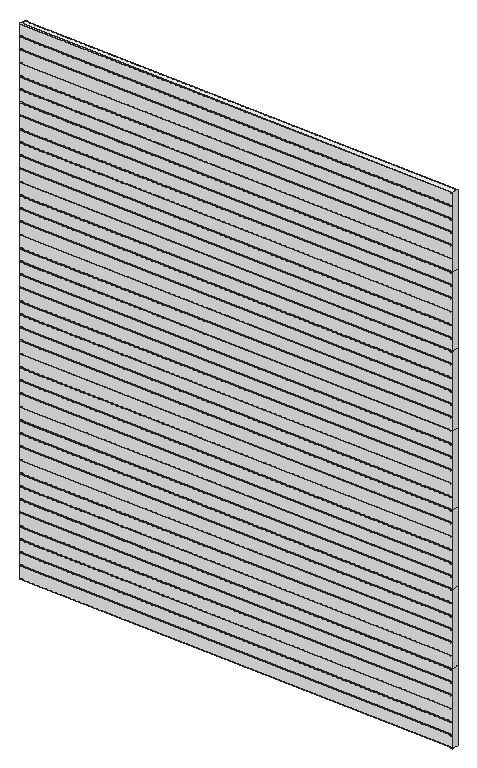
Revit family "3724-1Basic", category Doors, host Wall, Revit 2025
Family settings
  Host = Wall
  OmniClass Number = 23.30.10.17.37.14
  OmniClass Title = Sectional Overhead Doors
  Always vertical = Yes
  Cut with Voids When Loaded = No
  Shared = No
  Room Calculation Point = No
Parameters (values of type "By Type")
  Windload = "Doors available rated for various design pressures; consult Clopay for avaialbility and specifications"
  VisSection6 = NumSections = 6  # no
  VisSection5 = NumSections > 4  # yes
  VisSection4 = NumSections > 3  # yes
  VisSection3 = NumSections > 2  # yes
  VisArray = NumSections > 6  # yes
  URL = "www.clopaydoor.com"
  Track = "Galvanized steel (gauge varies according to door size)"
  Thickness = 0' - 2"  # constant formula
  Spec Wizard = "http://www.arcat.com/specwizard/08360clo/index.htm"
  Section Height = Height / NumSections  # 2' - 0"
  Sales Information = "http://www.clopaydoor.com/where-to-buy.aspx?type=dealer"
  Rough Width = 0' - 0"  # constant formula
  Rough Height = 0' - 0"  # constant formula
  R-Value = "17.2"
  Product Features and Benefits = "http://www.clopaydoor.com/insulated-polyurethane-applications.aspx"
  Overlapping Jamb = yes
  Overlap = if(Overlapping Jamb, 0' 1", 0' 0")  # 0' - 1"
  Opening Width = 12' - 0"
  Opening Height = 14' - 0"
  Omniclass Table = "23-30 10 17 37 "
  NumSectionsNotRounded = Height / 2' 0"  # 7
  NumSections = NumSectionsNotRounded + 0.4999  # 7
  NumArraySections = if(NumSections > 6, NumSections - 5, 2)  # 2
  Model = "3724"
  Maximum Size = "Maximum 32' 2'' wide by 26' 0'' high. Additional limitations may apply do to door weight. Consult Clopay for specificiations and shop drawings."  # constant formula
  Manufacturer Website = "http://www.clopaydoor.com"
  Manufacturer Phone Number = "1-800-526-4301"
  Manufacturer Address = "1400 W. Market St., Troy, OH 45373"
  Manufacturer = "Clopay Building Products Company"
  LEED = "http://products.construction.com/swts_content_files/151607/303186.pdf"
  Keynote = "08 36 13"
  Interior Steel = "28 ga. galvanized, primed, and finish painted"
  Hardware = "14 ga. min. steel hinges; 10-ball steel rollers"
  GreenFormat = "http://www.greenformat.com/products/1536-Polyurethane%20Insulated%20Doors.rtf"
  Function = Interior
  Height = Opening Height + Rough Width * 0  # 14' - 0"
  Wall Closure = By host
  Width = Opening Width + Rough Width * 0  # 12' - 0"
  FloorToSection7 = 6 * Section Height  # 12' - 0"
  FloorToSection6 = 5 * Section Height  # 10' - 0"
  FloorToSection5 = 4 * Section Height  # 8' - 0"
  FloorToSection4 = 3 * Section Height  # 6' - 0"
  FloorToSection3 = 2 * Section Height  # 4' - 0"
  FloorToSection2 = Section Height  # 2' - 0"
  File Revision = "00 (March, 2013)"
  Exterior Steel = "24 ga. galvanized, primed, and finish painted"
  Double End Stiles = Door Width > 14' 2"  # no
  Door Width = Opening Width + Overlap * 2  # 12' - 2"
  Door Height = Opening Height + Rough Width * 0  # 14' - 0"
  Description = "2'' thick polyurethane insulated, stucco embossed 24 gauge steel exterior with light ribbed pattern."
  Core Material = "Expanded polyurethane"
  Copyright = "2013, Clopay Building Products Company, Inc."
  Color = White
  CAD and Specifications = "http://www.clopaydoor.com/insulated-polyurethane-specs.aspx"
  Assembly Code = "B2030410"
Reference planes (in)
  plane 1 "Center (Front/Back)": y = 0
  plane 2 "Center (Left/Right)": x = 0
  plane 3 "Left": x = -72
  plane 4 "Right": x = 72
  plane 5 "Top": z = 168
  plane 6 "Exterior": y = 3
  plane 7 "Interior": y = -3
  plane 8: z = 120
  plane 9: z = 144
Lines and regions (in)
  Opening 1
    outline origin (-90, -3, 0) x (1, 0, 0) y (0, 0, 1)
      loop
        line (18, 0) -> (162, 0) -> (162, 168) -> (18, 168) -> (18, 0)
Text (in)
  text "Exterior" at (-74.96733, 27.31104, 0), in view "Ref. Level"
  text "Interior" at (-74.96733, -25.14366, 0), in view "Ref. Level"
  text "Exterior" at (0, 40.15149, 123.01588), in view "Right"
  text "Interior" at (0, -64.39139, 123.01588), in view "Right"
  text "Interior" at (0, -31.01599, 123.00693), in view "Left"
  text "Exterior" at (0, 54.57065, 123.00693), in view "Left"
Dimensions and locks (in)
  equal spacing: plane 3 "Left", plane 2 "Center (Left/Right)", plane 4 "Right"
  "Height": level to plane 5 "Top"
  "Width": plane 3 "Left" to plane 4 "Right"
  host wall to plane 5 "Top" = 14' - 0"
  nested 1 to plane 7 "Interior" = 0' - 0 1/2"
  "FloorToSection6": plane 8 to level
  "FloorToSection7": plane 9 to level
  group 1 to group 2 = 0' - 0"  (x2)
  group 1 to group 2 = 2' - 0"
  host wall to host wall = 67' - 6"
  aligned and locked: plane 3 "Left" to Opening 1 sketch curve
  aligned and locked: plane 5 "Top" to Opening 1 sketch curve  (x2)
  aligned and locked: Opening 1 sketch curve to plane 4 "Right"
  aligned and locked: Opening 1 sketch curve to level
  aligned and locked: plane 6 "Exterior" to host wall
  aligned and locked: host wall to plane 7 "Interior"
  aligned and locked: plane 2 "Center (Left/Right)" to nested 2
  aligned and locked: plane 2 "Center (Left/Right)" to nested 3
  aligned and locked: plane 2 "Center (Left/Right)" to nested 4
  aligned and locked: plane 2 "Center (Left/Right)" to nested 5
  aligned and locked: plane 2 "Center (Left/Right)" to nested 7
  aligned and locked: nested 7 to plane 8
  aligned and locked: nested 8 to plane 9
  aligned and locked: plane 7 "Interior" to nested 2
  aligned and locked: plane 7 "Interior" to nested 7
  aligned and locked: host wall to nested 8
  aligned and locked: plane 7 "Interior" to nested 3
  aligned and locked: host wall to nested 3
  aligned and locked: plane 7 "Interior" to nested 1
  aligned and locked: nested 2 to host wall
  aligned and locked: plane 7 "Interior" to nested 6
  aligned and locked: plane 7 "Interior" to nested 5
  aligned and locked: host wall to nested 7
  aligned and locked: plane 7 "Interior" to nested 4
Nested families (in)
  nested 1: "Section" at (0, 0, 0), type "Solid"
  nested 2: "Section" at (0, 0, 24), built-in parameter 1001364 <- "Section Height", type "Solid"
  nested 3: "Section" at (0, 0, 48), built-in parameter 1001364 <- "FloorToSection3", visible <- "VisSection3", type "Solid"
  nested 4: "Section" at (0, 0, 120), built-in parameter 1001364 <- "FloorToSection6", visible <- "VisSection6", type "Solid"
  nested 5: "Section" at (0, 0, 96), built-in parameter 1001364 <- "FloorToSection5", visible <- "VisSection5", type "Solid"
  nested 6: "Section" at (0, 0, 72), built-in parameter 1001364 <- "FloorToSection4", visible <- "VisSection4", type "Solid"
  nested 7: "Section" at (0, 0, 120), visible <- "VisArray", type "Solid"
  nested 8: "Section" at (0, 0, 144), visible <- "VisArray", type "Solid"
Definition of nested family "Section"
  Parameters
    X9 = if(if(NumArrayedWindows < NumWindows, NumArrayedWindows + 1, NumWindows) < 9, X1, X8 + 3' 8")  # 1' - 5 1/2"
    X8 = if(if(NumArrayedWindows < NumWindows, NumArrayedWindows + 1, NumWindows) < 8, X1, X7 + 3' 8")  # 1' - 5 1/2"
    X7 = if(if(NumArrayedWindows < NumWindows, NumArrayedWindows + 1, NumWindows) < 7, X1, X6 + 3' 8")  # 1' - 5 1/2"
    X6 = if(if(NumArrayedWindows < NumWindows, NumArrayedWindows + 1, NumWindows) < 6, X1, X5 + 3' 8")  # 1' - 5 1/2"
    X5 = if(if(NumArrayedWindows < NumWindows, NumArrayedWindows + 1, NumWindows) < 5, X1, X4 + 3' 8")  # 1' - 5 1/2"
    X4 = if(if(NumArrayedWindows < NumWindows, NumArrayedWindows + 1, NumWindows) < 4, X1, X3 + 3' 8")  # 1' - 5 1/2"
    X3 = if(NumWindows < 3, X1, X2 + 3' 8")  # 8' - 9 1/2"
    X2 = if(NumWindows < 2, ((Door Width - (NumWindows - 1) * 3' 8") / 2 - Cutout Width / 2), ((Door Width - (NumWindows - 1) * 3' 8") / 2 - Cutout Width / 2) + 3' 8")  # 5' - 1 1/2"
    WindowVis = no
    WindowCutDepth = -0' - 0 13/128"
    Section Height = 2' - 0"
    RibSpacing = Section Height / (NumRibs + 1)  # 0' - 4"
    NumWindows = if(Door Width < 9' 4", 2, if(Door Width < 13' 4", 3, if(Door Width < 16' 4", 4, if(Door Width < 20' 4", 5, if(Door Width < 24' 4", 6, if(Door Width < 26' 4", 7, if(Door Width < 31' 8", 8, 10)))))))  # 3
    NumRibs = if(Section Height < 1' 9", 3, if(Section Height < 2' 0", 4, 5))  # 5
    NumArrayedWindows = if(X2 = X1, NumWindows - 2, NumWindows)  # 3
    Half Section Height = Section Height / 2  # 1' - 0"
    Half Door Width Neg = -Half Door Width  # -6' - 1"
    Half Door Width = Door Width / 2  # 6' - 1"
    Half Cutout Height = Cutout Height / 2  # 0' - 3 1/2"
    Function = (empty or 0)
    Height = 0' - 0"
    Wall Closure = (empty or 0)
    Width = 0' - 0"
    X1 = if(or(Door Width > 31' 6", and(Door Width > 26' 2", Door Width < 28' 1"), Door Width = 24' 3", Door Width = 24' 4", and(Door Width > 20' 2", Door Width < 20' 11"), and(Door Width > 16' 2", Door Width < 17' 3")), X2, (Door Width - (NumWindows - 1) * 3' 8") / 2 - Cutout Width / 2)  # 1' - 5 1/2"
    Door Width = 12' - 2"
    CutoutToCutout = 1' - 0"
    Cutout Width = 1' - 11"
    Cutout Height = 0' - 7"
    Color = none
    BtmTo1stRib = RibSpacing  # 0' - 4"
    Assembly Code = ""
  Reference planes (in)
    plane 1 "Center (Front/Back)": y = 0
    plane 2 "Center (Left/Right)": x = 0
    plane 3 "Exterior": y = 3
    plane 4 "Interior": y = -3
    plane 5: y = -3.5
    plane 6: x = 73
    plane 7: x = -73
    plane 8: z = 4
    plane 9: z = 8
    plane 10: z = 24
    plane 11: z = 12
    plane 12: z = 0
  Forms (in)
    Extrusion 1, solid, material <- "Color"
      sketch origin (-73, -12, 83.08252) x (0, 0, 1) y (0, -1, 0)
        loop
          line (-59.08252, -8.37573) -> (-59.08252, -6.62444)
          arc (-59.08252, -6.62444) -> (-59.11897, -6.53645) -> (-59.20696, -6.5) r 0.12444
          line (-59.20696, -6.5) -> (-82.95809, -6.5)
          arc (-82.95809, -6.5) -> (-83.04608, -6.53645) -> (-83.08252, -6.62444) r 0.12444
          line (-83.08252, -6.62444) -> (-83.08252, -8.37573)
          arc (-83.08252, -8.37573) -> (-83.04612, -8.4636) -> (-82.95825, -8.5) r 0.12427
          line (-82.95825, -8.5) -> (-59.20679, -8.5)
          arc (-59.20679, -8.5) -> (-59.11892, -8.4636) -> (-59.08252, -8.37573) r 0.12427
      from 0 to 146 <- "Door Width"
    Extrusion 2, void
      sketch origin (0, 0, -0.5) x (0, -1, 0) y (0, 0, 1)
        loop
          line (3.5, 4.62727) -> (3.5, 4.37273) -> (3.53032, 4.41942)
          arc (3.53032, 4.41942) -> (3.53753, 4.43506) -> (3.54, 4.4521) r 0.06
          line (3.54, 4.4521) -> (3.54, 4.5479)
          arc (3.54, 4.5479) -> (3.53753, 4.56494) -> (3.53032, 4.58058) r 0.06
          line (3.53032, 4.58058) -> (3.5, 4.62727)
      from -73 <- "Half Door Width Neg" to 146 <- "Door Width"
    Extrusion 3, void
      sketch origin (0, 0, 3.5) x (0, -1, 0) y (0, 0, 1)
        loop
          line (3.5, 4.62727) -> (3.5, 4.37273) -> (3.53032, 4.41942)
          arc (3.53032, 4.41942) -> (3.53753, 4.43506) -> (3.54, 4.4521) r 0.06
          line (3.54, 4.4521) -> (3.54, 4.5479)
          arc (3.54, 4.5479) -> (3.53753, 4.56494) -> (3.53032, 4.58058) r 0.06
          line (3.53032, 4.58058) -> (3.5, 4.62727)
      from -73 <- "Half Door Width Neg" to 146 <- "Door Width"
    Extrusion 4, void
      sketch origin (0, 0, 7.5) x (0, -1, 0) y (0, 0, 1)
        loop
          line (3.5, 4.62727) -> (3.5, 4.37273) -> (3.53032, 4.41942)
          arc (3.53032, 4.41942) -> (3.53753, 4.43506) -> (3.54, 4.4521) r 0.06
          line (3.54, 4.4521) -> (3.54, 4.5479)
          arc (3.54, 4.5479) -> (3.53753, 4.56494) -> (3.53032, 4.58058) r 0.06
          line (3.53032, 4.58058) -> (3.5, 4.62727)
      from -73 <- "Half Door Width Neg" to 146 <- "Door Width"
    Extrusion 5, void
      sketch origin (0, -8.99984, -0.5) x (0, 1, 0) y (0, 0, -1)
        loop
          line (3.5, -4.62727) -> (3.53032, -4.58058)
          arc (3.53032, -4.58058) -> (3.53753, -4.56494) -> (3.54, -4.5479) r 0.06
          line (3.54, -4.5479) -> (3.54, -4.4521)
          arc (3.54, -4.4521) -> (3.53753, -4.43506) -> (3.53032, -4.41942) r 0.06
          line (3.53032, -4.41942) -> (3.5, -4.37273) -> (3.5, -4.62727)
      from -73 <- "Half Door Width Neg" to 146 <- "Door Width"
    Extrusion 6, void
      sketch origin (0, -8.99984, 3.5) x (0, 1, 0) y (0, 0, -1)
        loop
          line (3.5, -4.62727) -> (3.53032, -4.58058)
          arc (3.53032, -4.58058) -> (3.53753, -4.56494) -> (3.54, -4.5479) r 0.06
          line (3.54, -4.5479) -> (3.54, -4.4521)
          arc (3.54, -4.4521) -> (3.53753, -4.43506) -> (3.53032, -4.41942) r 0.06
          line (3.53032, -4.41942) -> (3.5, -4.37273) -> (3.5, -4.62727)
      from -73 <- "Half Door Width Neg" to 146 <- "Door Width"
    Extrusion 7, void
      sketch origin (0, -8.99984, 7.5) x (0, 1, 0) y (0, 0, -1)
        loop
          line (3.5, -4.62727) -> (3.53032, -4.58058)
          arc (3.53032, -4.58058) -> (3.53753, -4.56494) -> (3.54, -4.5479) r 0.06
          line (3.54, -4.5479) -> (3.54, -4.4521)
          arc (3.54, -4.4521) -> (3.53753, -4.43506) -> (3.53032, -4.41942) r 0.06
          line (3.53032, -4.41942) -> (3.5, -4.37273) -> (3.5, -4.62727)
      from -73 <- "Half Door Width Neg" to 146 <- "Door Width"
    Extrusion 8, void
      sketch origin (0, 0, 11.5) x (0, -1, 0) y (0, 0, 1)
        loop
          line (3.5, 4.62727) -> (3.5, 4.37273) -> (3.53032, 4.41942)
          arc (3.53032, 4.41942) -> (3.53753, 4.43506) -> (3.54, 4.4521) r 0.06
          line (3.54, 4.4521) -> (3.54, 4.5479)
          arc (3.54, 4.5479) -> (3.53753, 4.56494) -> (3.53032, 4.58058) r 0.06
          line (3.53032, 4.58058) -> (3.5, 4.62727)
      from -73 <- "Half Door Width Neg" to 146 <- "Door Width"
    Extrusion 9, void
      sketch origin (0, -8.99984, 11.5) x (0, 1, 0) y (0, 0, -1)
        loop
          line (3.5, -4.62727) -> (3.53032, -4.58058)
          arc (3.53032, -4.58058) -> (3.53753, -4.56494) -> (3.54, -4.5479) r 0.06
          line (3.54, -4.5479) -> (3.54, -4.4521)
          arc (3.54, -4.4521) -> (3.53753, -4.43506) -> (3.53032, -4.41942) r 0.06
          line (3.53032, -4.41942) -> (3.5, -4.37273) -> (3.5, -4.62727)
      from -73 <- "Half Door Width Neg" to 146 <- "Door Width"
    Extrusion 10, void
      sketch origin (0, 0, 15.5) x (0, -1, 0) y (0, 0, 1)
        loop
          line (3.5, 4.62727) -> (3.5, 4.37273) -> (3.53032, 4.41942)
          arc (3.53032, 4.41942) -> (3.53753, 4.43506) -> (3.54, 4.4521) r 0.06
          line (3.54, 4.4521) -> (3.54, 4.5479)
          arc (3.54, 4.5479) -> (3.53753, 4.56494) -> (3.53032, 4.58058) r 0.06
          line (3.53032, 4.58058) -> (3.5, 4.62727)
      from -73 <- "Half Door Width Neg" to 146 <- "Door Width"
    Extrusion 11, void
      sketch origin (0, -8.99984, 15.5) x (0, 1, 0) y (0, 0, -1)
        loop
          line (3.5, -4.62727) -> (3.53032, -4.58058)
          arc (3.53032, -4.58058) -> (3.53753, -4.56494) -> (3.54, -4.5479) r 0.06
          line (3.54, -4.5479) -> (3.54, -4.4521)
          arc (3.54, -4.4521) -> (3.53753, -4.43506) -> (3.53032, -4.41942) r 0.06
          line (3.53032, -4.41942) -> (3.5, -4.37273) -> (3.5, -4.62727)
      from -73 <- "Half Door Width Neg" to 146 <- "Door Width"
  Cuts and joins
    Extrusion 2, Extrusion 3, Extrusion 4, Extrusion 5, Extrusion 6, Extrusion 7, Extrusion 8, Extrusion 9, Extrusion 10, Extrusion 11 cuts Extrusion 1
  Lines and regions (in)
    reference lines
      curve 1: line (-72, -3.54, 4) -> (-72, -3.5, 4)
      curve 2: line (-72, -5.45984, 4) -> (-72, -5.49984, 4)
      curve 3: line (-72, -3.54, 8) -> (-72, -3.5, 8)
      curve 4: line (-72, -3.54, 12) -> (-72, -3.5, 12)
      curve 5: line (-72, -5.45984, 4) -> (-72, -5.49984, 4)
      curve 6: line (-72, -5.45984, 8) -> (-72, -5.49984, 8)
      curve 7: line (-72, -5.45984, 12) -> (-72, -5.49984, 12)
      curve 8: line (-72, -3.54, 16) -> (-72, -3.5, 16)
      curve 9: line (-72, -5.45984, 16) -> (-72, -5.49984, 16)
      curve 10: line (-72, -3.54, 20) -> (-72, -3.5, 20)
      curve 11: line (-72, -5.45984, 20) -> (-72, -5.49984, 20)
  Text (in)
    text "Exterior" at (-74.96733, 27.31104, 0), in view "Ref. Level"
    text "Interior" at (-74.96733, -25.14366, 0), in view "Ref. Level"
    text "Exterior" at (0, 40.15149, 123.01588), in view "Right"
    text "Interior" at (0, -64.39139, 123.01588), in view "Right"
    text "Interior" at (0, -31.01599, 123.00693), in view "Left"
    text "Exterior" at (0, 54.57065, 123.00693), in view "Left"
  Dimensions and locks (in)
    plane 4 "Interior" to plane 5 = 0' - 0 1/2"
    "Half Door Width": plane 2 "Center (Left/Right)" to plane 7
    "Half Door Width": plane 6 to plane 2 "Center (Left/Right)"
    Extrusion 1 sketch curve to Extrusion 1 sketch curve = 0' - 2"
    Extrusion 2 sketch curve to Extrusion 2 sketch curve = 0' - 0.25454"
    Extrusion 2 sketch curve to Extrusion 2 sketch curve = 0' - 0.04"  (x2)
    "BtmTo1stRib": plane 8 to level
    curve 1 to Extrusion 2 sketch curve = 0' - 0.12727"
    "RibSpacing": plane 9 to plane 8
    "Section Height": plane 10 to level
    Extrusion 3 sketch curve to Extrusion 3 sketch curve = 0' - 0.25454"
    Extrusion 3 sketch curve to Extrusion 3 sketch curve = 0' - 0.04"  (x2)
    curve 3 to Extrusion 3 sketch curve = 0' - 0.12727"
    equal spacing: group 1, group 2, group 3, group 4, group 5  (x3)
    Extrusion 4 sketch curve to Extrusion 4 sketch curve = 0' - 0.25454"
    Extrusion 4 sketch curve to Extrusion 4 sketch curve = 0' - 0.04"  (x2)
    curve 4 to Extrusion 4 sketch curve = 0' - 0.12727"
    Extrusion 5 sketch curve to Extrusion 5 sketch curve = 0' - 0.25454"
    Extrusion 5 sketch curve to Extrusion 5 sketch curve = 0' - 0.04"  (x2)
    Extrusion 5 sketch curve to curve 5 = 0' - 0.12727"
    Extrusion 6 sketch curve to Extrusion 6 sketch curve = 0' - 0.25454"
    Extrusion 6 sketch curve to Extrusion 6 sketch curve = 0' - 0.04"  (x2)
    Extrusion 6 sketch curve to curve 6 = 0' - 0.12727"
    Extrusion 7 sketch curve to Extrusion 7 sketch curve = 0' - 0.25454"
    Extrusion 7 sketch curve to Extrusion 7 sketch curve = 0' - 0.04"  (x2)
    Extrusion 7 sketch curve to curve 7 = 0' - 0.12727"
    "Half Section Height": level to plane 11
    Extrusion 8 sketch curve to Extrusion 8 sketch curve = 0' - 0.25454"
    Extrusion 8 sketch curve to Extrusion 8 sketch curve = 0' - 0.04"  (x2)
    curve 8 to Extrusion 8 sketch curve = 0' - 0.12727"
    Extrusion 9 sketch curve to Extrusion 9 sketch curve = 0' - 0.25454"
    Extrusion 9 sketch curve to Extrusion 9 sketch curve = 0' - 0.04"  (x2)
    Extrusion 9 sketch curve to curve 9 = 0' - 0.12727"
    Extrusion 10 sketch curve to Extrusion 10 sketch curve = 0' - 0.25454"
    Extrusion 10 sketch curve to Extrusion 10 sketch curve = 0' - 0.04"  (x2)
    curve 10 to Extrusion 10 sketch curve = 0' - 0.12727"
    Extrusion 11 sketch curve to Extrusion 11 sketch curve = 0' - 0.25454"
    Extrusion 11 sketch curve to Extrusion 11 sketch curve = 0' - 0.04"  (x2)
    Extrusion 11 sketch curve to curve 11 = 0' - 0.12727"
    locked: plane 4 "Interior" to cut or joined group 1 (Extrusion 1, Extrusion 2, Extrusion 3, Extrusion 4, Extrusion 5, Extrusion 6, Extrusion 7, Extrusion 8, Extrusion 9, Extrusion 10, Extrusion 11) at 0.5
    radius of Extrusion 1 sketch curve = 0' - 0.12427"  (x2)
    radius of Extrusion 1 sketch curve = 0' - 0.12444"  (x2)
    angle Extrusion 2 sketch curve to Extrusion 2 sketch curve = 147.00°  (x2)
    angle Extrusion 3 sketch curve to Extrusion 3 sketch curve = 147.00°  (x2)
    angle Extrusion 4 sketch curve to Extrusion 4 sketch curve = 147.00°  (x2)
    angle Extrusion 5 sketch curve to Extrusion 5 sketch curve = 147.00°  (x2)
    angle Extrusion 6 sketch curve to Extrusion 6 sketch curve = 147.00°  (x2)
    angle Extrusion 7 sketch curve to Extrusion 7 sketch curve = 147.00°  (x2)
    angle Extrusion 8 sketch curve to Extrusion 8 sketch curve = 147.00°  (x2)
    angle Extrusion 9 sketch curve to Extrusion 9 sketch curve = 147.00°  (x2)
    angle Extrusion 10 sketch curve to Extrusion 10 sketch curve = 147.00°  (x2)
    angle Extrusion 11 sketch curve to Extrusion 11 sketch curve = 147.00°  (x2)
    aligned and locked: Extrusion 1 sketch curve to plane 5
    aligned and locked: plane 8 to curve 1
    aligned and locked: plane 9 to curve 3
    aligned: cut or joined group 1 to cut or joined group 1  (x9)
    aligned and locked: plane 12 to level
  Automatic sketch dimensions
    curve 2 to curve 1 = 0' - 1.91984"
    curve 1 to curve 1 = 0' - 0.04"  (x2)
    curve 1 to curve 2 = 0' - 1.91984"
    curve 2 to curve 2 = 0' - 0.04"  (x2)
    Extrusion 2 sketch curve to Extrusion 2 sketch curve = 0' - 0"
    Extrusion 2 sketch curve to Extrusion 2 sketch curve = 0' - 0.02"
    Extrusion 2 sketch curve to Extrusion 2 sketch curve = 0' - 0.00968"  (x2)
    curve 5 to curve 1 = 0' - 0"
    curve 1 to curve 5 = 0' - 1.91984"
    curve 5 to curve 5 = 0' - 0.04"
    Extrusion 5 sketch curve to Extrusion 5 sketch curve = 0' - 0"
    Extrusion 5 sketch curve to Extrusion 5 sketch curve = 0' - 0.02"
    Extrusion 5 sketch curve to Extrusion 5 sketch curve = 0' - 0.00968"  (x2)
    Extrusion 3 sketch curve to Extrusion 3 sketch curve = 0' - 0"
    Extrusion 3 sketch curve to Extrusion 3 sketch curve = 0' - 0.02"
    Extrusion 3 sketch curve to Extrusion 3 sketch curve = 0' - 0.00968"  (x2)
    curve 6 to curve 3 = 0' - 0"
    curve 3 to curve 3 = 0' - 0.04"
    curve 3 to curve 6 = 0' - 1.91984"
    curve 6 to curve 6 = 0' - 0.04"
    Extrusion 4 sketch curve to Extrusion 4 sketch curve = 0' - 0"
    Extrusion 4 sketch curve to Extrusion 4 sketch curve = 0' - 0.02"
    Extrusion 4 sketch curve to Extrusion 4 sketch curve = 0' - 0.00968"  (x2)
    curve 7 to curve 4 = 0' - 0"
    curve 4 to curve 4 = 0' - 0.04"
    curve 4 to curve 7 = 0' - 1.91984"
    curve 7 to curve 7 = 0' - 0.04"
    Extrusion 7 sketch curve to Extrusion 7 sketch curve = 0' - 0.00968"
    Extrusion 6 sketch curve to Extrusion 6 sketch curve = 0' - 0.00968"
    curve 2 to plane 8 = 0' - 0"
    curve 2 to plane 5 = 0' - 1.95984"
    Extrusion 1 sketch curve to plane 10 = 0' - 0"
    Extrusion 1 sketch curve to level = 0' - 0"
    Extrusion 8 sketch curve to Extrusion 8 sketch curve = 0' - 0"
    Extrusion 8 sketch curve to Extrusion 8 sketch curve = 0' - 0.02"
    Extrusion 8 sketch curve to Extrusion 8 sketch curve = 0' - 0.00968"  (x2)
    curve 9 to curve 8 = 0' - 0"
    curve 8 to curve 8 = 0' - 0.04"
    curve 8 to curve 9 = 0' - 1.91984"
    curve 9 to curve 9 = 0' - 0.04"
    Extrusion 9 sketch curve to Extrusion 9 sketch curve = 0' - 0"
    Extrusion 9 sketch curve to Extrusion 9 sketch curve = 0' - 0.02"
    Extrusion 9 sketch curve to Extrusion 9 sketch curve = 0' - 0.00968"  (x2)
    Extrusion 10 sketch curve to Extrusion 10 sketch curve = 0' - 0"
    Extrusion 10 sketch curve to Extrusion 10 sketch curve = 0' - 0.02"
    Extrusion 10 sketch curve to Extrusion 10 sketch curve = 0' - 0.00968"  (x2)
    curve 11 to curve 10 = 0' - 0"
    curve 10 to curve 10 = 0' - 0.04"
    curve 10 to curve 11 = 0' - 1.91984"
    curve 11 to curve 11 = 0' - 0.04"
    Extrusion 11 sketch curve to Extrusion 11 sketch curve = 0' - 0"
    Extrusion 11 sketch curve to Extrusion 11 sketch curve = 0' - 0.02"
    Extrusion 11 sketch curve to Extrusion 11 sketch curve = 0' - 0.00968"  (x2)
